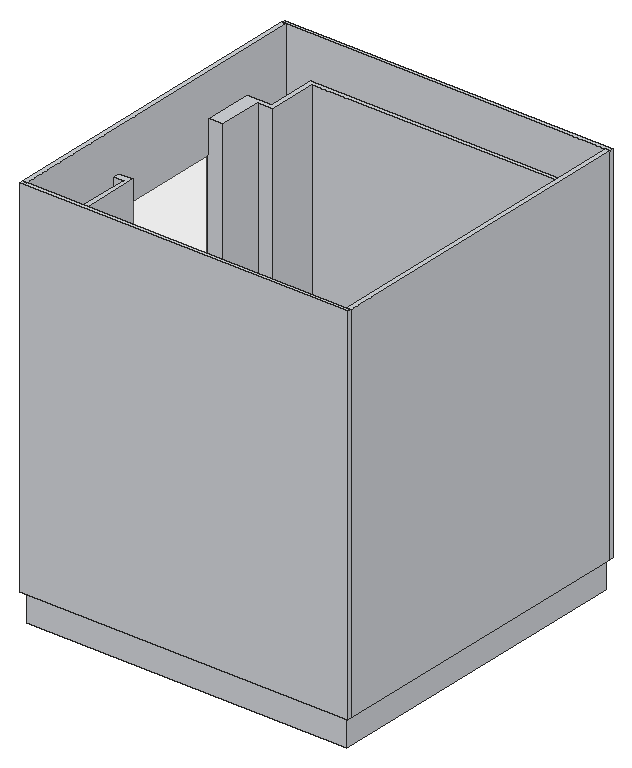
Revit family "Fira Modules Bathroom 2.6 Heart", category Generic Models, Revit 2015 (continued)
Automatic sketch dimensions
  curve 440 to curve 449 = 1.011 mm
  curve 449 to curve 450 = 2.824 mm
  curve 450 to curve 439 = 4.523 mm
  curve 388 to curve 438 = 25.76 mm
  curve 441 to curve 478 = 32.634 mm
  curve 442 to curve 444 = 2.561 mm
  curve 443 to curve 444 = 2.684 mm
  curve 444 to curve 481 = 1.926 mm
  curve 437 to curve 447 = 32.657 mm
  curve 446 to curve 447 = 1.526 mm
  curve 573 to curve 568 = 151.422 mm
  curve 516 to curve 509 = 0 mm
  curve 509 to curve 362 = 2 mm
  curve 516 to curve 515 = 2.816 mm
  curve 509 to curve 511 = 2.816 mm
  curve 362 to curve 363 = 1 mm
  curve 362 to curve 368 = 1 mm
  curve 510 to curve 512 = 12.184 mm
  curve 515 to curve 514 = 12.184 mm
  curve 514 to curve 508 = 2 mm
  curve 508 to curve 435 = 292.735 mm
  curve 433 to curve 431 = 166.481 mm
  curve 431 to curve 394 = 4.223 mm
  curve 431 to curve 452 = 113.819 mm
  curve 552 to curve 451 = 0 mm
  curve 552 to curve 429 = 0 mm
  curve 550 to curve 394 = 37.447 mm
  curve 395 to curve 425 = 6.578 mm
  curve 394 to curve 395 = 6.578 mm
  curve 354 to curve 355 = 980 mm
  curve 424 to curve 453 = 503.976 mm
  curve 424 to curve 452 = 0 mm
  curve 426 to curve 399 = 0.038 mm
  curve 529 to curve 400 = 12.462 mm
  curve 399 to curve 401 = 2.933 mm
  curve 400 to curve 401 = 3.097 mm
  curve 401 to curve 403 = 3.207 mm
  curve 402 to curve 404 = 3.263 mm
  curve 403 to curve 404 = 3.263 mm
  curve 452 to curve 455 = 50 mm
  curve 421 to curve 406 = 0 mm
  curve 408 to curve 527 = 0 mm
  curve 404 to curve 528 = 21.737 mm
  curve 406 to curve 406 = 13 mm
  curve 358 to curve 443 = 141.321 mm
  curve 442 to curve 442 = 4.47 mm
  curve 441 to curve 477 = 1.907 mm
  curve 441 to curve 477 = 5.228 mm
  curve 440 to curve 565 = 7.282 mm
  curve 440 to curve 450 = 7.38 mm
  curve 442 to curve 444 = 18.696 mm
  curve 449 to curve 474 = 22.947 mm
  curve 449 to curve 450 = 20.613 mm
  curve 443 to curve 445 = 19.419 mm
  curve 444 to curve 481 = 14.061 mm
  curve 474 to curve 480 = 33.033 mm
  curve 480 to curve 439 = 0.243 mm
  curve 450 to curve 472 = 33.021 mm
  curve 480 to curve 480 = 5.295 mm
  curve 439 to curve 564 = 5.68 mm
  curve 423 to curve 421 = 147.29 mm
  curve 420 to curve 409 = 0.001 mm
  curve 421 to curve 540 = 0.269 mm
  curve 409 to curve 543 = 0.268 mm
  curve 438 to curve 447 = 74.357 mm
  curve 446 to curve 438 = 4.473 mm
  curve 446 to curve 447 = 11.14 mm
  curve 421 to curve 499 = 35.014 mm
  curve 408 to curve 488 = 35.027 mm
  curve 474 to curve 384 = 89.041 mm
  curve 409 to curve 543 = 1.095 mm
  curve 419 to curve 538 = 1.109 mm
  curve 389 to curve 390 = 5 mm
  curve 388 to curve 388 = 5 mm
  curve 383 to curve 382 = 12 mm
  curve 379 to curve 381 = 0 mm
  curve 388 to curve 373 = 7 mm
  curve 468 to curve 498 = 32.401 mm
  curve 409 to curve 459 = 32.416 mm
  curve 418 to curve 538 = 2.346 mm
  curve 410 to curve 541 = 2.317 mm
  curve 466 to curve 496 = 27.584 mm
  curve 410 to curve 411 = 27.604 mm
  curve 417 to curve 536 = 3.887 mm
  curve 411 to curve 541 = 3.838 mm
  curve 466 to curve 465 = 20.704 mm
  curve 411 to curve 491 = 20.73 mm
  curve 416 to curve 535 = 5.994 mm
  curve 412 to curve 545 = 5.918 mm
  curve 416 to curve 494 = 12.29 mm
  curve 412 to curve 493 = 12.214 mm
  curve 413 to curve 462 = 3.8 mm
  curve 413 to curve 544 = 8.767 mm
  curve 415 to curve 535 = 8.767 mm
  curve 414 to curve 534 = 10.497 mm
  curve 377 to curve 392 = 120 mm
  curve 372 to curve 374 = 120 mm
  curve 374 to curve 387 = 0.024 mm
  curve 385 to curve 375 = 10 mm
  curve 375 to curve 379 = 65 mm
  curve 371 to curve 573 = 652 mm
  curve 573 to curve 569 = 5.919 mm
  curve 360 to curve 367 = 3.081 mm
  curve 367 to curve 365 = 0 mm
  curve 365 to curve 571 = 3.54 mm
  curve 361 to curve 522 = 3.66 mm
  curve 361 to curve 563 = 19.069 mm
  curve 569 to curve 523 = 19.08 mm
  curve 562 to curve 521 = 0.011 mm
  curve 562 to curve 560 = 4.95 mm
  curve 560 to curve 520 = 0.061 mm
  curve 523 to curve 525 = 5 mm
  curve 524 to curve 559 = 9.7 mm
  curve 432 to curve 431 = 1.597 mm
  curve 428 to curve 428 = 0.868 mm
  curve 428 to curve 552 = 0.631 mm
  curve 550 to curve 507 = 13.684 mm
  curve 393 to curve 393 = 0.103 mm
  curve 518 to curve 560 = 0.061 mm
  curve 558 to curve 518 = 0.061 mm
  curve 558 to curve 524 = 0.407 mm
  curve 557 to curve 523 = 0.441 mm
  curve 359 to curve 354 = 144.25 mm
  curve 573 to curve 371 = 160.25 mm
  curve 572 to curve 573 = 0 mm  (x2)
  curve 370 to curve 371 = 14 mm
  curve 387 to curve 388 = 0 mm
  curve 388 to curve 388 = 0.017 mm
  curve 437 to curve 437 = 1.252 mm
  curve 447 to curve 448 = 0.338 mm
  curve 389 to curve 372 = 4 mm
  curve 517 to curve 516 = 1 mm
  curve 514 to curve 515 = 0 mm
  curve 512 to curve 511 = 0 mm
  curve 511 to curve 512 = 0 mm
  curve 433 to curve 482 = 75.627 mm
  curve 433 to curve 484 = 16.469 mm
  curve 435 to curve 484 = 0 mm
  curve 507 to curve 431 = 45.113 mm
  curve 451 to curve 431 = 16.849 mm
  curve 432 to curve 431 = 0.623 mm
  curve 431 to curve 550 = 2.538 mm
  curve 393 to curve 393 = 0.92 mm
  curve 393 to curve 507 = 1.583 mm
  curve 404 to curve 405 = 2.828 mm
  curve 388 to curve 387 = 0 mm
  curve 373 to curve 387 = 0.024 mm
  curve 392 to curve 376 = 0 mm
  curve 373 to curve 374 = 0 mm
  curve 392 to curve 391 = 0 mm
  curve 376 to curve 377 = 0 mm
  curve 571 to curve 521 = 18.52 mm
  curve 573 to curve 370 = 0 mm
  curve 573 to curve 371 = 0.114 mm
  curve 557 to curve 523 = 0.007 mm
  curve 558 to curve 524 = 0.061 mm
  curve 560 to curve 518 = 0 mm
  curve 518 to curve 558 = 0 mm
  curve 557 to curve 523 = 1 mm
  curve 574 to curve 523 = 17 mm
  curve 523 to curve 568 = 0 mm
  curve 359 to curve 356 = 105 mm
  curve 374 to curve 386 = 0 mm  (x4)
  curve 376 to curve 392 = 0 mm  (x4)
  curve 793 to curve 676 = 224.133 mm
  curve 676 to curve 749 = 53.884 mm
  curve 752 to curve 764 = 1.925 mm
  curve 764 to curve 763 = 5.684 mm
  curve 752 to curve 678 = 9.914 mm
  curve 764 to curve 769 = 9.87 mm
  curve 753 to curve 753 = 9.116 mm
  curve 753 to curve 680 = 9.664 mm
  curve 753 to curve 768 = 9.187 mm
  curve 753 to curve 766 = 12.126 mm
  curve 754 to curve 713 = 8.082 mm
  curve 754 to curve 755 = 14.835 mm
  curve 754 to curve 683 = 5.326 mm
  curve 635 to curve 715 = 11.774 mm
  curve 636 to curve 755 = 0.033 mm
  curve 636 to curve 637 = 11.774 mm
  curve 637 to curve 756 = 5.392 mm
  curve 629 to curve 628 = 69.701 mm
  curve 788 to curve 778 = 358.361 mm
  curve 657 to curve 673 = 0.018 mm
  curve 637 to curve 639 = 12.103 mm
  curve 638 to curve 758 = 8.124 mm
  curve 656 to curve 738 = 12.639 mm
  curve 738 to curve 739 = 1 mm
  curve 638 to curve 688 = 11.006 mm
  curve 738 to curve 737 = 3 mm
  curve 628 to curve 724 = 18 mm
  curve 737 to curve 736 = 2 mm
  curve 674 to curve 649 = 21.982 mm
  curve 673 to curve 773 = 21.982 mm
  curve 656 to curve 655 = 22 mm
  curve 652 to curve 652 = 1.3 mm
  curve 639 to curve 641 = 8.634 mm
  curve 651 to curve 651 = 1.09 mm
  curve 639 to curve 758 = 9.244 mm
  curve 640 to curve 689 = 5.475 mm
  curve 650 to curve 774 = 5.375 mm
  curve 689 to curve 722 = 1.88 mm
  curve 644 to curve 692 = 14.659 mm
  curve 646 to curve 648 = 10.122 mm
  curve 640 to curve 759 = 9.726 mm
  curve 646 to curve 726 = 13.012 mm
  curve 641 to curve 761 = 9.935 mm
  curve 643 to curve 761 = 9.98 mm
  curve 643 to curve 750 = 9.981 mm
  curve 648 to curve 620 = 9.981 mm
  curve 647 to curve 619 = 9.98 mm
  curve 618 to curve 617 = 8.773 mm
  curve 750 to curve 750 = 108.86 mm
  curve 730 to curve 730 = 154 mm
  curve 734 to curve 733 = 2 mm
  curve 732 to curve 731 = 2 mm
  curve 731 to curve 732 = 1 mm
  curve 743 to curve 792 = 758 mm
  curve 583 to curve 586 = 1.12 mm
  curve 585 to curve 584 = 1 mm
  curve 586 to curve 587 = 1 mm  (x2)
  curve 587 to curve 588 = 6.76 mm
  curve 584 to curve 591 = 6.76 mm
  curve 588 to curve 589 = 1 mm
  curve 583 to curve 742 = 12 mm
  curve 742 to curve 784 = 0.439 mm
  curve 784 to curve 742 = 2.686 mm
  curve 741 to curve 782 = 0.407 mm
  curve 782 to curve 781 = 85.457 mm
  curve 740 to curve 781 = 24.021 mm
  curve 740 to curve 747 = 85.865 mm
  curve 746 to curve 783 = 3.124 mm
  curve 783 to curve 791 = 3 mm
  curve 791 to curve 794 = 613.5 mm
  curve 582 to curve 605 = 196.5 mm
  curve 604 to curve 603 = 5 mm
  curve 603 to curve 601 = 14 mm
  curve 600 to curve 599 = 31 mm
  curve 599 to curve 611 = 4.983 mm
  curve 611 to curve 612 = 0.017 mm
  curve 612 to curve 613 = 5 mm
  curve 613 to curve 597 = 4.978 mm
  curve 613 to curve 607 = 4.992 mm
  curve 614 to curve 614 = 0.008 mm
  curve 612 to curve 696 = 202.391 mm
  curve 696 to curve 697 = 0.375 mm
  curve 696 to curve 579 = 2.234 mm
  curve 696 to curve 702 = 6.226 mm
  curve 695 to curve 797 = 0.188 mm
  curve 576 to curve 578 = 5 mm
  curve 598 to curve 593 = 216.022 mm
  curve 702 to curve 786 = 18.271 mm
  curve 696 to curve 698 = 26.374 mm
  curve 593 to curve 796 = 8.578 mm
  curve 671 to curve 787 = 0.545 mm
  curve 658 to curve 597 = 45.978 mm
  curve 597 to curve 607 = 0.014 mm
  curve 607 to curve 596 = 0.008 mm
  curve 596 to curve 609 = 5 mm
  curve 609 to curve 610 = 5 mm
  curve 610 to curve 594 = 5 mm
  curve 662 to curve 663 = 53.202 mm
  curve 663 to curve 663 = 0.716 mm
  curve 662 to curve 671 = 1.011 mm
  curve 671 to curve 672 = 2.824 mm
  curve 672 to curve 661 = 4.523 mm
  curve 610 to curve 660 = 25.76 mm
  curve 663 to curve 700 = 32.634 mm
  curve 664 to curve 666 = 2.561 mm
  curve 665 to curve 666 = 2.684 mm
  curve 666 to curve 703 = 1.926 mm
  curve 659 to curve 669 = 32.657 mm
  curve 668 to curve 669 = 1.526 mm
  curve 795 to curve 790 = 151.422 mm
  curve 738 to curve 731 = 0 mm
  curve 731 to curve 584 = 2 mm
  curve 738 to curve 737 = 2.816 mm
  curve 731 to curve 733 = 2.816 mm
  curve 584 to curve 585 = 1 mm
  curve 584 to curve 590 = 1 mm
  curve 732 to curve 734 = 12.184 mm
  curve 737 to curve 736 = 12.184 mm
  curve 736 to curve 730 = 2 mm
  curve 730 to curve 657 = 292.735 mm
  curve 655 to curve 653 = 166.481 mm
  curve 653 to curve 616 = 4.223 mm
  curve 653 to curve 674 = 113.819 mm
  curve 774 to curve 673 = 0 mm
  curve 774 to curve 651 = 0 mm
  curve 772 to curve 616 = 37.447 mm
  curve 617 to curve 647 = 6.578 mm
  curve 616 to curve 617 = 6.578 mm
  curve 576 to curve 577 = 980 mm
  curve 646 to curve 675 = 503.976 mm
  curve 646 to curve 674 = 0 mm
  curve 648 to curve 621 = 0.038 mm
  curve 751 to curve 622 = 12.462 mm
  curve 621 to curve 623 = 2.933 mm
  curve 622 to curve 623 = 3.097 mm
  curve 623 to curve 625 = 3.207 mm
  curve 624 to curve 626 = 3.263 mm
  curve 625 to curve 626 = 3.263 mm
  curve 674 to curve 677 = 50 mm
  curve 643 to curve 628 = 0 mm
  curve 630 to curve 749 = 0 mm
  curve 626 to curve 750 = 21.737 mm
  curve 628 to curve 628 = 13 mm
  curve 580 to curve 665 = 141.321 mm
  curve 664 to curve 664 = 4.47 mm
  curve 663 to curve 699 = 1.907 mm
  curve 663 to curve 699 = 5.228 mm
  curve 662 to curve 787 = 7.282 mm
  curve 662 to curve 672 = 7.38 mm
  curve 664 to curve 666 = 18.696 mm
  curve 671 to curve 696 = 22.947 mm
  curve 671 to curve 672 = 20.613 mm
  curve 665 to curve 667 = 19.419 mm
  curve 666 to curve 703 = 14.061 mm
  curve 696 to curve 702 = 33.033 mm
  curve 702 to curve 661 = 0.243 mm
  curve 672 to curve 694 = 33.021 mm
  curve 702 to curve 702 = 5.295 mm
  curve 661 to curve 786 = 5.68 mm
  curve 645 to curve 643 = 147.29 mm
  curve 642 to curve 631 = 0.001 mm
  curve 643 to curve 762 = 0.269 mm
  curve 631 to curve 765 = 0.268 mm
  curve 660 to curve 669 = 74.357 mm
  curve 668 to curve 660 = 4.473 mm
  curve 668 to curve 669 = 11.14 mm
  curve 643 to curve 721 = 35.014 mm
  curve 630 to curve 710 = 35.027 mm
  curve 696 to curve 606 = 89.041 mm
  curve 631 to curve 765 = 1.095 mm
  curve 641 to curve 760 = 1.109 mm
  curve 611 to curve 612 = 5 mm
  curve 610 to curve 610 = 5 mm
  curve 605 to curve 604 = 12 mm
  curve 601 to curve 603 = 0 mm
  curve 610 to curve 595 = 7 mm
  curve 690 to curve 720 = 32.401 mm
  curve 631 to curve 681 = 32.416 mm
  curve 640 to curve 760 = 2.346 mm
  curve 632 to curve 763 = 2.317 mm
  curve 688 to curve 718 = 27.584 mm
  curve 632 to curve 633 = 27.604 mm
  curve 639 to curve 758 = 3.887 mm
  curve 633 to curve 763 = 3.838 mm
  curve 688 to curve 687 = 20.704 mm
  curve 633 to curve 713 = 20.73 mm
  curve 638 to curve 757 = 5.994 mm
  curve 634 to curve 767 = 5.918 mm
  curve 638 to curve 716 = 12.29 mm
  curve 634 to curve 715 = 12.214 mm
  curve 635 to curve 684 = 3.8 mm
  curve 635 to curve 766 = 8.767 mm
  curve 637 to curve 757 = 8.767 mm
  curve 636 to curve 756 = 10.497 mm
  curve 599 to curve 614 = 120 mm
  curve 594 to curve 596 = 120 mm
  curve 596 to curve 609 = 0.024 mm
  curve 607 to curve 597 = 10 mm
  curve 597 to curve 601 = 65 mm
  curve 593 to curve 795 = 652 mm
  curve 795 to curve 791 = 5.919 mm
  curve 582 to curve 589 = 3.081 mm
  curve 589 to curve 587 = 0 mm
  curve 587 to curve 793 = 3.54 mm
  curve 583 to curve 744 = 3.66 mm
  curve 583 to curve 785 = 19.069 mm
  curve 791 to curve 745 = 19.08 mm
  curve 784 to curve 743 = 0.011 mm
  curve 784 to curve 782 = 4.95 mm
  curve 782 to curve 742 = 0.061 mm
  curve 745 to curve 747 = 5 mm
  curve 746 to curve 781 = 9.7 mm
  curve 654 to curve 653 = 1.597 mm
  curve 650 to curve 650 = 0.868 mm
  curve 650 to curve 774 = 0.631 mm
  curve 772 to curve 729 = 13.684 mm
  curve 615 to curve 615 = 0.103 mm
  curve 740 to curve 782 = 0.061 mm
  curve 780 to curve 740 = 0.061 mm
  curve 780 to curve 746 = 0.407 mm
  curve 779 to curve 745 = 0.441 mm
  curve 581 to curve 576 = 144.25 mm
  curve 795 to curve 593 = 160.25 mm
  curve 794 to curve 795 = 0 mm  (x2)
  curve 592 to curve 593 = 14 mm
  curve 609 to curve 610 = 0 mm
  curve 610 to curve 610 = 0.017 mm
  curve 659 to curve 659 = 1.252 mm
  curve 669 to curve 670 = 0.338 mm
  curve 611 to curve 594 = 4 mm
  curve 739 to curve 738 = 1 mm
  curve 736 to curve 737 = 0 mm
  curve 734 to curve 733 = 0 mm
  curve 733 to curve 734 = 0 mm
  curve 655 to curve 704 = 75.627 mm
  curve 655 to curve 706 = 16.469 mm
  curve 657 to curve 706 = 0 mm
  curve 729 to curve 653 = 45.113 mm
  curve 673 to curve 653 = 16.849 mm
  curve 654 to curve 653 = 0.623 mm
  curve 653 to curve 772 = 2.538 mm
  curve 615 to curve 615 = 0.92 mm
  curve 615 to curve 729 = 1.583 mm
  curve 626 to curve 627 = 2.828 mm
  curve 610 to curve 609 = 0 mm
  curve 595 to curve 609 = 0.024 mm
  curve 614 to curve 598 = 0 mm
  curve 595 to curve 596 = 0 mm
  curve 614 to curve 613 = 0 mm
  curve 598 to curve 599 = 0 mm
  curve 793 to curve 743 = 18.52 mm
  curve 795 to curve 592 = 0 mm
  curve 795 to curve 593 = 0.114 mm
  curve 779 to curve 745 = 0.007 mm
  curve 780 to curve 746 = 0.061 mm
  curve 782 to curve 740 = 0 mm
  curve 740 to curve 780 = 0 mm
  curve 779 to curve 745 = 1 mm
  curve 796 to curve 745 = 17 mm
  curve 745 to curve 790 = 0 mm
  curve 581 to curve 578 = 105 mm
  curve 596 to curve 608 = 0 mm  (x4)
  curve 598 to curve 614 = 0 mm  (x4)
  curve 817 to curve 822 = 676.5 mm
  curve 821 to curve 820 = 13 mm
  curve 820 to curve 813 = 19.955 mm
  curve 818 to curve 818 = 54.955 mm
  curve 812 to curve 803 = 498.746 mm
  curve 803 to curve 802 = 1 mm
  curve 803 to curve 804 = 3.002 mm
  curve 804 to curve 806 = 2.003 mm
  curve 805 to curve 807 = 153.994 mm
  curve 807 to curve 806 = 0.017 mm
  curve 807 to curve 808 = 1.999 mm
  curve 808 to curve 810 = 2 mm
  curve 808 to curve 809 = 3 mm
  curve 812 to curve 811 = 877.545 mm
  curve 811 to curve 800 = 260 mm
  curve 810 to curve 810 = 1 mm
  curve 802 to curve 802 = 1.001 mm
  curve 803 to curve 805 = 12.167 mm
  curve 812 to curve 813 = 1259 mm
  curve 813 to curve 821 = 996.636 mm
  curve 820 to curve 811 = 2.364 mm
  curve 820 to curve 818 = 3.364 mm
  curve 821 to curve 817 = 7.749 mm
  curve 817 to curve 800 = 2.615 mm
  curve 817 to curve 826 = 26 mm
  curve 824 to curve 817 = 0 mm
  curve 801 to curve 812 = 744.455 mm
  curve 814 to curve 813 = 554.777 mm
  curve 814 to curve 827 = 27.322 mm
  curve 827 to curve 827 = 141.421 mm  (x2)
  curve 827 to curve 814 = 114.099 mm
  curve 823 to curve 822 = 2 mm
  curve 818 to curve 819 = 2 mm
  curve 813 to curve 799 = 973.318 mm
  curve 799 to curve 798 = 8.033 mm
  curve 799 to curve 799 = 70.711 mm
  curve 799 to curve 798 = 78.744 mm
  curve 814 to curve 813 = 349.949 mm
  curve 811 to curve 798 = 944.407 mm
  curve 798 to curve 799 = 80.592 mm
  curve 814 to curve 827 = 115.948 mm
  curve 799 to curve 798 = 60.829 mm
  curve 798 to curve 799 = 9.882 mm
  curve 827 to curve 814 = 25.474 mm
  curve 816 to curve 812 = 8.939 mm
  curve 824 to curve 817 = 4.385 mm
  curve 847 to curve 852 = 676.5 mm
  curve 851 to curve 850 = 13 mm
  curve 850 to curve 843 = 19.955 mm
  curve 848 to curve 848 = 54.955 mm
  curve 842 to curve 833 = 498.746 mm
  curve 833 to curve 832 = 1 mm
  curve 833 to curve 834 = 3.002 mm
  curve 834 to curve 836 = 2.003 mm
  curve 835 to curve 837 = 153.994 mm
  curve 837 to curve 836 = 0.017 mm
  curve 837 to curve 838 = 1.999 mm
  curve 838 to curve 840 = 2 mm
  curve 838 to curve 839 = 3 mm
  curve 842 to curve 841 = 877.545 mm
  curve 841 to curve 830 = 260 mm
  curve 840 to curve 840 = 1 mm
  curve 832 to curve 832 = 1.001 mm
  curve 833 to curve 835 = 12.167 mm
  curve 842 to curve 843 = 1259 mm
  curve 843 to curve 851 = 996.636 mm
  curve 850 to curve 841 = 2.364 mm
  curve 850 to curve 848 = 3.364 mm
  curve 851 to curve 847 = 7.749 mm
  curve 847 to curve 830 = 2.615 mm
  curve 847 to curve 856 = 26 mm
  curve 854 to curve 847 = 0 mm
  curve 831 to curve 842 = 744.455 mm
  curve 844 to curve 843 = 554.777 mm
  curve 844 to curve 857 = 27.322 mm
  curve 857 to curve 857 = 141.421 mm  (x2)
  curve 857 to curve 844 = 114.099 mm
  curve 853 to curve 852 = 2 mm
  curve 848 to curve 849 = 2 mm
  curve 843 to curve 829 = 973.318 mm
  curve 829 to curve 828 = 8.033 mm
  curve 829 to curve 829 = 70.711 mm
  curve 829 to curve 828 = 78.744 mm
  curve 844 to curve 843 = 349.949 mm
  curve 841 to curve 828 = 944.407 mm
  curve 828 to curve 829 = 80.592 mm
  curve 844 to curve 857 = 115.948 mm
  curve 829 to curve 828 = 60.829 mm
  curve 828 to curve 829 = 9.882 mm
  curve 857 to curve 844 = 25.474 mm
  curve 846 to curve 842 = 8.939 mm
  curve 854 to curve 847 = 4.385 mm
  curve 954 to curve 955 = 3.117 mm
  curve 954 to curve 952 = 195.751 mm
  curve 951 to curve 948 = 1.081 mm
  curve 948 to curve 949 = 0.18 mm
  curve 951 to curve 952 = 3.124 mm
  curve 948 to curve 940 = 4.164 mm
  curve 941 to curve 946 = 1 mm
  curve 946 to curve 946 = 6.76 mm
  curve 940 to curve 939 = 8.76 mm
  curve 939 to curve 943 = 0.574 mm
  curve 945 to curve 943 = 1.694 mm
  curve 942 to curve 938 = 12.546 mm
  curve 939 to curve 942 = 2251.115 mm
  curve 938 to curve 943 = 0.251 mm
  curve 942 to curve 948 = 0.27 mm
  curve 942 to curve 945 = 2.634 mm
  curve 948 to curve 947 = 2.364 mm
  curve 939 to curve 946 = 1 mm
  curve 946 to curve 949 = 5.634 mm
  curve 949 to curve 952 = 16.986 mm
  curve 949 to curve 954 = 16.986 mm
  curve 952 to curve 951 = 5 mm
  curve 954 to curve 954 = 5 mm
  curve 957 to curve 954 = 602.008 mm
  curve 956 to curve 940 = 806.12 mm
  curve 954 to curve 955 = 97.375 mm
  curve 955 to curve 951 = 1.002 mm
  curve 950 to curve 949 = 0.137 mm
  curve 948 to curve 941 = 0.164 mm
  curve 944 to curve 946 = 1.044 mm
  curve 938 to curve 956 = 416 mm
  curve 938 to curve 953 = 746 mm
  curve 956 to curve 940 = 4 mm
  curve 948 to curve 941 = 2.444 mm
  curve 946 to curve 944 = 2.555 mm
  curve 949 to curve 950 = 0.906 mm
  curve 938 to curve 953 = 11.105 mm
  curve 951 to curve 951 = 11 mm
  curve 951 to curve 955 = 0 mm
  curve 957 to curve 954 = 7.493 mm
  curve 958 to curve 958 = 105 mm
  curve 1054 to curve 1055 = 3.117 mm
  curve 1054 to curve 1053 = 195.751 mm
  curve 1052 to curve 1049 = 1.081 mm
  curve 1049 to curve 1050 = 0.18 mm
  curve 1052 to curve 1053 = 3.124 mm
  curve 1049 to curve 1041 = 4.164 mm
  curve 1042 to curve 1047 = 1 mm
  curve 1047 to curve 1047 = 6.76 mm
  curve 1041 to curve 1040 = 8.76 mm
  curve 1040 to curve 1044 = 0.574 mm
  curve 1046 to curve 1044 = 1.694 mm
  curve 1043 to curve 1039 = 12.546 mm
  curve 1040 to curve 1043 = 2251.115 mm
  curve 1039 to curve 1044 = 0.251 mm
  curve 1043 to curve 1049 = 0.27 mm
  curve 1043 to curve 1046 = 2.634 mm
  curve 1049 to curve 1048 = 2.364 mm
  curve 1040 to curve 1047 = 1 mm
  curve 1047 to curve 1050 = 5.634 mm
  curve 1050 to curve 1053 = 16.986 mm
  curve 1050 to curve 1054 = 16.986 mm
  curve 1053 to curve 1052 = 5 mm
  curve 1054 to curve 1054 = 5 mm
  curve 1058 to curve 1054 = 602.008 mm
  curve 1056 to curve 1041 = 806.12 mm
  curve 1054 to curve 1055 = 97.375 mm
  curve 1055 to curve 1052 = 1.002 mm
  curve 1051 to curve 1050 = 0.137 mm
  curve 1049 to curve 1042 = 0.164 mm
  curve 1045 to curve 1047 = 1.044 mm
  curve 1039 to curve 1056 = 416 mm
  curve 1039 to curve 1057 = 746 mm
  curve 1056 to curve 1041 = 4 mm
  curve 1049 to curve 1042 = 2.444 mm
  curve 1047 to curve 1045 = 2.555 mm
  curve 1050 to curve 1051 = 0.906 mm
  curve 1039 to curve 1057 = 11.105 mm
  curve 1052 to curve 1052 = 11 mm
  curve 1052 to curve 1055 = 0 mm
  curve 1058 to curve 1054 = 7.493 mm
  curve 1059 to curve 1059 = 105 mm
  plane 3 "Center (Left/Right)" to Extrusion 1 sketch curve = 74 mm
  Extrusion 1 sketch curve to Extrusion 1 sketch curve = 32 mm  (x6)
  plane 3 "Center (Left/Right)" to Extrusion 1 sketch curve = 106 mm
  Extrusion 1 sketch curve to Extrusion 1 sketch curve = 73 mm
  Extrusion 1 sketch curve to Extrusion 1 sketch curve = 228 mm
  Extrusion 1 sketch curve to Extrusion 1 sketch curve = 42 mm
  Extrusion 1 sketch curve to plane 1 "Center (Front/Back)" = 32 mm
  Extrusion 1 sketch curve to Extrusion 1 sketch curve = 308 mm
  Extrusion 1 sketch curve to Extrusion 1 sketch curve = 396 mm
  Extrusion 1 sketch curve to Extrusion 1 sketch curve = 45.45 mm
  Extrusion 1 sketch curve to Extrusion 1 sketch curve = 305.45 mm
  Extrusion 3 sketch curve to Extrusion 3 sketch curve = 86.032 mm
  Extrusion 3 sketch curve to Extrusion 3 sketch curve = 130 mm
  Extrusion 3 sketch curve to Extrusion 3 sketch curve = 73.949 mm
  Extrusion 3 sketch curve to plane 1 "Center (Front/Back)" = 135 mm
  Extrusion 3 sketch curve to Extrusion 3 sketch curve = 50.493 mm
  Extrusion 3 sketch curve to Extrusion 3 sketch curve = 50.488 mm
  Extrusion 4 sketch curve to plane 3 "Center (Left/Right)" = 26 mm
  Extrusion 4 sketch curve to Extrusion 4 sketch curve = 1 mm  (x3)
  Extrusion 4 sketch curve to Extrusion 4 sketch curve = 2 mm
  Extrusion 4 sketch curve to plane 1 "Center (Front/Back)" = 218 mm
  Extrusion 4 sketch curve to Extrusion 4 sketch curve = 546.403 mm
  Extrusion 4 sketch curve to Extrusion 4 sketch curve = 0 mm
  plane 1 "Center (Front/Back)" to Extrusion 7 sketch curve = 0 mm
  Extrusion 9 sketch curve to plane 1 "Center (Front/Back)" = 218 mm
  Extrusion 9 sketch curve to Extrusion 9 sketch curve = 550 mm
  Extrusion 2 sketch curve to Extrusion 2 sketch curve = 302 mm
  curve 136 to curve 136 = 153.144 mm
  curve 284 to curve 284 = 153.144 mm
  Extrusion 6 sketch curve to plane 4 = 0 mm
  plane 3 "Center (Left/Right)" to Extrusion 8 sketch curve = 0 mm
  plane 3 "Center (Left/Right)" to Extrusion 24 sketch curve = 0 mm
  Extrusion 24 sketch curve to Extrusion 24 sketch curve = 106 mm
  Extrusion 24 sketch curve to plane 1 "Center (Front/Back)" = 813.45 mm
  Extrusion 1 sketch curve to Extrusion 1 sketch curve = 687.45 mm
  Extrusion 24 sketch curve to Extrusion 24 sketch curve = 799.1 mm
  curve 1307 to curve 1307 = 828.011 mm
  curve 1307 to curve 136 = 1093.399 mm
  curve 1307 to curve 136 = 494.709 mm
  curve 1307 to curve 1308 = 804.422 mm
  curve 1308 to curve 1308 = 32.06 mm
  curve 1308 to curve 1308 = 804.103 mm
  curve 1309 to curve 1308 = 0 mm
  curve 1309 to curve 1308 = 1379.463 mm
  curve 1309 to curve 1309 = 550 mm
  curve 1310 to curve 1309 = 0 mm
  curve 1311 to curve 1311 = 828.011 mm
  curve 1311 to curve 284 = 1093.399 mm
  curve 1311 to curve 284 = 494.709 mm
  curve 1311 to curve 1312 = 804.422 mm
  curve 1312 to curve 1312 = 32.06 mm
  curve 1312 to curve 1312 = 804.103 mm
  curve 1313 to curve 1312 = 0 mm
  curve 1313 to curve 1312 = 1379.463 mm
  curve 1313 to curve 1313 = 550 mm
  curve 1314 to curve 1313 = 0 mm
  curve 1317 to plane 3 "Center (Left/Right)" = 0 mm
  curve 1304 to plane 3 "Center (Left/Right)" = 0 mm
  curve 1305 to plane 3 "Center (Left/Right)" = 0 mm
  plane 3 "Center (Left/Right)" to curve 335 = 109 mm
  curve 334 to curve 344 = 956 mm
  curve 344 to curve 348 = 100 mm  (x2)
  curve 347 to curve 341 = 100 mm
  curve 337 to plane 4 = 80 mm
  curve 1304 to curve 1316 = 25 mm  (x2)
  curve 346 to plane 1 "Center (Front/Back)" = 813 mm
  curve 345 to curve 341 = 0 mm
  curve 338 to plane 1 "Center (Front/Back)" = 813.001 mm
  curve 335 to plane 1 "Center (Front/Back)" = 813.001 mm
  curve 334 to curve 335 = 199.999 mm
  curve 339 to curve 345 = 250.833 mm
  curve 334 to curve 344 = 48.5 mm
  curve 334 to curve 338 = 14 mm
  curve 343 to curve 345 = 0 mm
  curve 347 to curve 347 = 50 mm
  curve 344 to plane 1 "Center (Front/Back)" = 877.645 mm
  curve 343 to plane 1 "Center (Front/Back)" = 948.355 mm
  curve 342 to plane 1 "Center (Front/Back)" = 948.355 mm
  curve 346 to plane 1 "Center (Front/Back)" = 877.645 mm
  curve 341 to curve 342 = 0 mm
  curve 341 to curve 340 = 250.833 mm
  curve 1317 to curve 1305 = 25 mm
  curve 1315 to plane 3 "Center (Left/Right)" = 0 mm
  radius of Extrusion 14 sketch curve = 7.5 mm
  radius of Extrusion 17 sketch curve = 7.5 mm
  radius of Extrusion 19 sketch curve = 7.5 mm
  radius of Extrusion 22 sketch curve = 7.5 mm
  radius of curve 813 = 20 mm
  radius of curve 843 = 20 mm
  radius of Extrusion 3 sketch curve = 50 mm  (x2)
  radius of Extrusion 3 sketch curve = 70 mm
